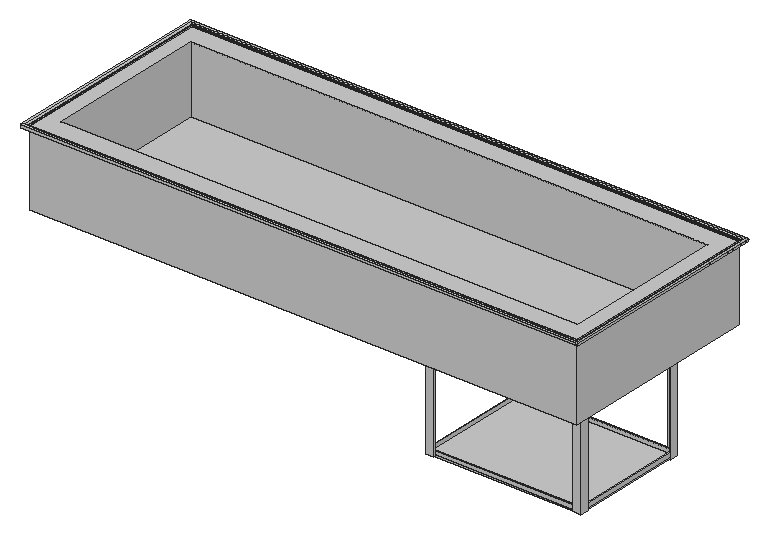
Revit family "QF_VOLLRATH_FC-4CP-05120-R", category Specialty Equipment, Revit 2016
Family settings
  Part Type = Normal
  Round Connector Dimension = Use Diameter
  OmniClass Number = 23.40.40.14.24.14
  OmniClass Title = Service Line Equipment
  Work Plane-Based = Yes
  Always vertical = Yes
  Cut with Voids When Loaded = Yes
  Shared = No
  Room Calculation Point = No
Parameters (values of type "FC-4CP-05120-R")
  Weight in Pounds = 155
  Watts = 624 W
  Waste Water Discharge Temperature [instance] = 0 °F
  Waste Remarks = ""
  Volts = 120 V
  URL Cutsheet = "www.vollrathfoodservice.com/downloads/211941/SPCDrop-InStandardRefrigL36186FC-4CP-pdf"
  URL = "www.vollrathfoodservice.com"
  Status [instance] = ""
  Specification by User [instance] = ""
  Specification by Manufacturer = ""
  Serial Number = ""
  Seismic Rating = ""
  SMACNA No = ""
  Revision Code [instance] = ""
  Plumbing Remarks [instance] = ""
  Plumbing Connection Type [instance] = ""
  Phase = 1
  Number of Poles = 1
  NAFEM Spec ID Number = ""
  Model = "FC-4CP-05120-R"
  Min Ckt Ampacity = 0 A
  Max Overcurrent Protection = 10 A
  Masterspec = ""
  Manufacturer = "VOLLRATH US"
  Item Number [instance] = ""
  Installed By [instance] = ""
  Identify Quantity as Lot [instance] = no
  HP = "0.9"
  Furnished By [instance] = ""
  Foodservice Equipment Identifier [instance] = yes
  FL Amps = 5.2 A
  Electrical Remarks [instance] = ""
  Electric Connection Type [instance] = "Plug&Receptacle"
  Elec Conn RI Height [instance] = 0"
  Elec Conn Connection Height [instance] = 0"
  Direct Waste Size = 1"
  Direct Waste RI Height = 0"
  Direct Waste Flow = 0 GPM
  Direct Waste Connection Height = 0"
  Description = "FIVE-WELL 120-VOLT STANDARD REFRIGERATED MODULAR DROP-IN COLD WELL"
  Default Elevation = 0"
  Cycle = 60 Hz
  Conn Plug = "NEMA 5-15P"
  Conn Conduit [instance] = no
  CSI MasterFormat = ""
  Author = ""
  Assembly Code = "E1090320"
  Apparent Power = 624 VA
Reference planes (in)
  plane 1 "Back": y = 0
  plane 2: z = 0
  plane 3 "Left": x = 0
  plane 4 "Front": y = -26
  plane 5 "Top": z = 0
  plane 6 "Right": x = 68
Forms (in)
  Extrusion 1, solid
    sketch origin (42.65854, -178.4845, -21.875) x (-1, 0, 0) y (0, -1, 0)
      loop
        line (-2.3275, -172.7345) -> (-3.2025, -172.7345) -> (-3.2025, -172.8595) -> (-2.2025, -172.8595) -> (-2.2025, -171.8595) -> (-2.3275, -171.8595) -> (-2.3275, -172.7345)
      loop
        line (-21.015, -172.7345) -> (-21.015, -171.8595) -> (-21.14, -171.8595) -> (-21.14, -172.8595) -> (-20.14, -172.8595) -> (-20.14, -172.7345) -> (-21.015, -172.7345)
      loop
        line (-2.3275, -158.3285) -> (-2.3275, -159.2035) -> (-2.2025, -159.2035) -> (-2.2025, -158.2035) -> (-3.2025, -158.2035) -> (-3.2025, -158.3285) -> (-2.3275, -158.3285)
      loop
        line (-21.015, -158.3285) -> (-20.14, -158.3285) -> (-20.14, -158.2035) -> (-21.14, -158.2035) -> (-21.14, -159.2035) -> (-21.015, -159.2035) -> (-21.015, -158.3285)
    from -0.5 to 12.808
  Extrusion 2, void
    sketch origin (0, 0, 0) x (1, 0, 0) y (0, 1, 0)
      loop
        line (67.625, -0.375) -> (0.375, -0.375) -> (0.375, -25.625) -> (67.625, -25.625) -> (67.625, -0.375)
    from 3.27425 to -22.375
  Extrusion 3, solid
    sketch origin (0, 0, 0) x (1, 0, 0) y (0, 1, 0)
      loop
        line (0.625, -0.625) -> (0.625, -25.375) -> (67.375, -25.375) -> (67.375, -0.625) -> (0.625, -0.625)
      loop
        line (2.5, -3.0625) -> (2.5, -22.9375) -> (65.5, -22.9375) -> (65.5, -3.0625) -> (2.5, -3.0625)
    from 0 to 0.14643
  Extrusion 4, solid
    sketch origin (0, 0, 0) x (1, 0, 0) y (0, 1, 0)
      loop
        line (0.625, -0.625) -> (0.625, -25.375) -> (67.375, -25.375) -> (67.375, -0.625) -> (0.625, -0.625)
      loop
        line (65.5, -22.9375) -> (65.5, -3.0625) -> (2.5, -3.0625) -> (2.5, -22.9375) -> (65.5, -22.9375)
    from -9.067 to 0
  Sweep 5, solid
    path origin (0, 0, 0) x (1, 0, 0) y (0, 1, 0)
      loop
        line (0.34375, -0.34375) -> (0.34375, -25.65625) -> (67.65625, -25.65625) -> (67.65625, -0.34375) -> (0.34375, -0.34375)
    profile origin (34, -0.34375, 0) x (0, 1, 0) y (0, 0, 1)
      loop
        line (0.34375, 0) -> (0.34375, 0.24548)
        arc (0.34375, 0.24548) -> (0.25632, 0.36797) -> (0.11207, 0.3251) r 0.12952
        line (0.11207, 0.3251) -> (0.00446, 0.18703)
        arc (0.00446, 0.18703) -> (-0.03241, 0.15713) -> (-0.07866, 0.14643) r 0.10539
        line (-0.07866, 0.14643) -> (-0.28125, 0.14643) -> (-0.28125, 0) -> (0.34375, 0)
  Extrusion 6, solid
    sketch origin (42.65854, -178.4845, -22.375) x (-1, 0, 0) y (0, -1, 0)
      loop
        line (-2.3275, -172.7345) -> (-2.3275, -158.3285) -> (-21.015, -158.3285) -> (-21.015, -172.7345) -> (-2.3275, -172.7345)
    from 0 to 0.125
  Extrusion 7, solid
    sketch origin (36.70169, 0, -0.375) x (1, 0, 0) y (0, 1, 0)
      loop
        line (8.28434, -20.156) -> (26.97184, -20.156) -> (26.97184, -5.75) -> (8.28434, -5.75) -> (8.28434, -20.156)
      loop
        line (26.84684, -5.875) -> (8.40934, -5.875) -> (8.40934, -20.031) -> (26.84684, -20.031) -> (26.84684, -5.875)
    from -21.875 to -21.375
  Extrusion 8, solid
    sketch origin (44.98604, -20.156, -22.25) x (1, 0, 0) y (0, 0, -1)
      loop
        line (0, -13.183) -> (18.6875, -13.183) -> (18.6875, -12.183) -> (0, -12.183) -> (0, -13.183)
    from 0 to 0.125
  Extrusion 9, solid
    sketch origin (44.98604, -5.75, -22.25) x (1, 0, 0) y (0, 0, 1)
      loop
        line (0, 13.183) -> (0, 12.183) -> (18.6875, 12.183) -> (18.6875, 13.183) -> (0, 13.183)
    from 0 to 0.125
  Extrusion 10, solid
    sketch origin (44.98604, -19.281, -22.25) x (0, -1, 0) y (0, 0, -1)
      loop
        line (0, -13.183) -> (0, -12.183) -> (-1.125, -12.183) -> (-1.125, -13.183) -> (0, -13.183)
      loop
        line (-12.656, -13.183) -> (-11.531, -13.183) -> (-11.531, -12.183) -> (-12.656, -12.183) -> (-12.656, -13.183)
    from 0 to -0.125
  Extrusion 11, solid
    sketch origin (63.67354, -19.281, -22.25) x (0, -1, 0) y (0, 0, 1)
      loop
        line (0, 13.183) -> (-1.125, 13.183) -> (-1.125, 12.183) -> (0, 12.183) -> (0, 13.183)
      loop
        line (-12.656, 13.183) -> (-12.656, 12.183) -> (-11.531, 12.183) -> (-11.531, 13.183) -> (-12.656, 13.183)
    from 0 to -0.125
  Extrusion 12, solid
    sketch origin (0, 0, 2.308) x (1, 0, 0) y (0, 1, 0)
      loop
        line (65.5, -3.0625) -> (2.5, -3.0625) -> (2.5, -22.9375) -> (65.5, -22.9375) -> (65.5, -3.0625)
      loop
        circle (39.86104, -13) r 0.75
    from -11.375 to -10.305
  Extrusion 13, solid
    sketch origin (45.20169, 0, -0.375) x (1, 0, 0) y (0, 1, 0)
      loop
        circle (-5.34066, -13) r 0.5
      loop
        circle (-5.34066, -13) r 0.75
    from -8.692 to -7.622
  Extrusion 14, solid
    sketch origin (39.82979, 0, -0.375) x (1, 0, 0) y (0, 1, 0)
      loop
        circle (14.5, -13) r 0.25
    from -8.692 to -8.89849
Cuts and joins
  joined: Extrusion 3, Extrusion 4, Extrusion 12
Lines and regions (in)
  symbolic lines, style "200-EquipBorder-2D"
    curve 1: line (68, 0, 0) -> (0, 0, 0)
    curve 2: line (68, -26, 0) -> (68, 0, 0)
    curve 3: line (0, 0, 0) -> (0, -26, 0)
    curve 8: line (0, -26, 0) -> (68, -26, 0)
  symbolic lines, style "200-EquipInternal-2D"
    curve 4: line (65.5, -3.0625, 0) -> (2.5, -3.0625, 0)
    curve 5: line (65.5, -22.9375, 0) -> (65.5, -3.0625, 0)
    curve 6: line (2.5, -22.9375, 0) -> (65.5, -22.9375, 0)
    curve 7: line (2.5, -3.0625, 0) -> (2.5, -22.9375, 0)
    curve 9: arc (39.36104, -13, 0) -> (39.86104, -12.5, 0) -> (40.36104, -13, 0) r 0.5
    curve 10: arc (40.36104, -13, 0) -> (39.86104, -13.5, 0) -> (39.36104, -13, 0) r 0.5
    curve 11: arc (39.11104, -13, 0) -> (39.86104, -12.25, 0) -> (40.61104, -13, 0) r 0.75
    curve 12: arc (40.61104, -13, 0) -> (39.86104, -13.75, 0) -> (39.11104, -13, 0) r 0.75
Dimensions and locks (in)
  plane 3 "Left" to plane 6 "Right" = 68"
  plane 4 "Front" to plane 1 "Back" = 26"
  Extrusion 6 sketch curve to Extrusion 6 sketch curve = 18 11/16"
  aligned and locked: level to plane 2
Connectors (in)
  electrical at (54.32979, -13, -9.27349), driven by "Number of Poles", driven by "Volts", driven by "Apparent Power", driven by "Apparent Power"
    settings: on Extrusion 14, index 1, voltage 120 V, apparent load 624 VA, apparent load phase1 624 VA, apparent load phase2 0 VA, apparent load phase3 0 VA, power factor 1, load classification "Other", number of poles 1, system type 31, power factor state 1, is connector primary yes, connector utility no, sub classification motor no, connector description "Electrical connection"
  piping at (39.86104, -13, -9.067), diameter 1, driven by "Direct Waste Flow", driven by "Direct Waste Size"
    settings: on cut or joined group of Extrusion 3, Extrusion 4, Extrusion 12, index 2, connector inside diameter 24", connector length 0", flow factor 0, pipe flow 0 GPM, pressure drop 0.00 psi, fitting loss kfactor 0, connector angle 0.00°, fixture units 0, engagement length 0", angle of deflection 0.00°, flow configuration 1, flow direction 2, fitting loss method 0, system type 16, joint type 0, gender type 0, connector reference index -1, connector utility 0, adjustable connector no, is connector primary yes, connector description "Drain"
